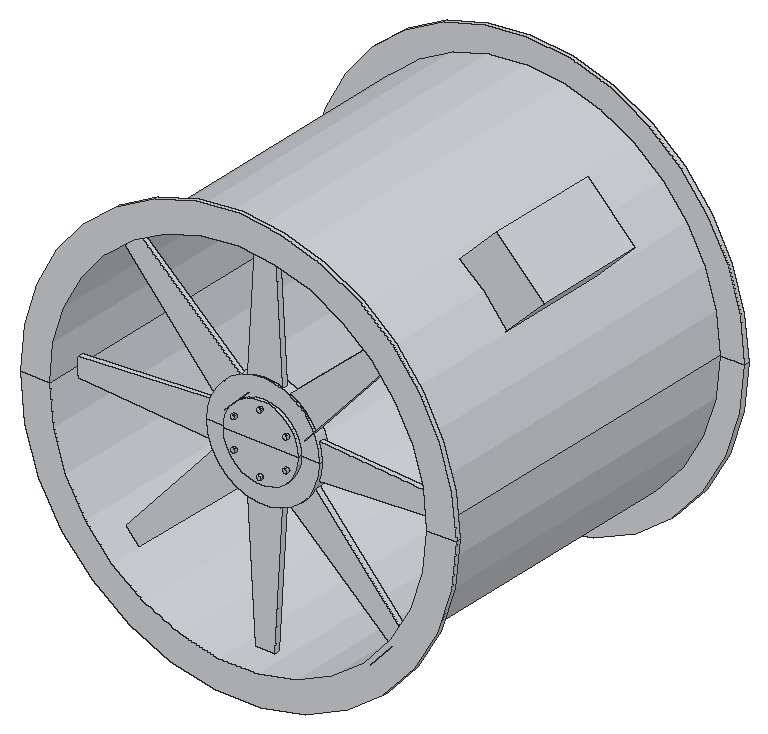
Revit family "CADS_Vent-Axia_MechEquip_Fan_LCA_450_3Ph2P - EXTRACT", category Mechanical Equipment, Revit 2020
Family settings
  Round Connector Dimension = Use Diameter
  Part Type = Normal
  OmniClass Number = 23.75.00.00
  OmniClass Title = Climate Control (HVAC)
  Work Plane-Based = No
  Always vertical = Yes
  Cut with Voids When Loaded = No
  Shared = No
  Room Calculation Point = No
Parameters (values of type "LCA453210")
  nr = NominalDiameter / 2  # 225 mm
  WorkingPressure = 0.0 Pa
  WarrantyStartDate [instance] = "1900-12-31T23:59:59"
  WarrantyPeriod = ""
  WarrantyIdentifier = "N/A"
  WarrantyGuarantorParts = "tech@vent-axia.com"
  WarrantyGuarantorLabor = "tech@vent-axia.com"
  WarrantyGuarantor = "Vent-Axia Limited"
  WarrantyEndDate [instance] = "1900-12-31T23:59:59"
  WarrantyContent = ""
  TemperatureRange = ""
  TagNumber [instance] = "N/A"
  SustainabilityPerformance = ""
  Status = "New"
  Size = ""
  Shape = ""
  ServiceLifeType = ""
  ServiceLifeDuration = ""
  SerialNumber [instance] = "N/A"
  ReplacementCost = ""
  RatedVoltage = 0 V
  RatedCurrent = 0 A
  Quantity = 1
  ProductionYear = ""
  PressureCurve = ""
  PowerFactor = ""
  PointOfContact = ""
  NumberOfPoles = 0
  NominalWidth = 450 mm
  NominalLength = 435 mm
  NominalHeight = 450 mm
  NominalFrequencyRange = ""
  NominalDiameter = 450 mm
  ModelReference = "LCAX 450mm 3PH 2P 10DEG"
  ModelNumber = "LCA453210"
  Material = ""
  ManufacturerE-Mail = "tech@vent-axia.com"
  ManufacturerAddress = "Fleming Way\nCrawley \nRH10 9YX"
  IsExtendedWarranty = no
  InsulationStandardClass = ""
  InstallationDate [instance] = "1900-12-31T23:59:59"
  IfcExportType [instance] = ""
  IfcExportAs = "IfcFanType"
  IP_Code = ""
  HasProtectiveEarth = no
  GrossWeight = 0.00 kg
  Grade = ""
  GlobalTradeItemNumber [instance] = "N/A"
  Fitting Type = "Ignore"
  Finish = ""
  Features = ""
  ExteriorInsulation = no
  ExpectedServiceLife = 0
  Exclusions = ""
  DurationUnit = "Year"
  Default Elevation = 0 mm
  Constituents = ""
  ConductorFunction = ""
  Color = ""
  CodePerformance = ""
  Category = ""
  CADS_Usage = 0
  CADS_Index = 0
  AssetType = "FIXED"
  AssetIdentifier [instance] = "N/A"
  AssemblyPlace = "UNKNOWN"
  ArticleNumber [instance] = "N/A"
  AirflowRateRange = 0.0 L/s
  Air Flow [instance] = 0.0 L/s
  AccessibilityPerformance = ""
Types (12, lengths in mm): name | ModelReference | ModelNumber
  LCA453210 | "LCAX 450mm 3PH 2P 10DEG" | "LCA453210"
  LCA453212 | "LCAX 450mm 3PH 2P 12DEG" | "LCA453212"
  LCA453214 | "LCAX 450mm 3PH 2P 14DEG" | "LCA453214"
  LCA453216 | "LCAX 450mm 3PH 2P 16DEG" | "LCA453216"
  LCA453218 | "LCAX 450mm 3PH 2P 18DEG" | "LCA453218"
  LCA453220 | "LCAX 450mm 3PH 2P 20DEG" | "LCA453220"
  LCA453222 | "LCAX 450mm 3PH 2P 22DEG" | "LCA453222"
  LCA453224 | "LCAX 450mm 3PH 2P 24DEG" | "LCA453224"
  LCA453226 | "LCAX 450mm 3PH 2P 26DEG" | "LCA453226"
  LCA453228 | "LCAX 450mm 3PH 2P 28DEG" | "LCA453228"
  LCA453230 | "LCAX 450mm 3PH 2P 30DEG" | "LCA453230"
  LCA453232 | "LCAX 450mm 3PH 2P 32DEG" | "LCA453232"
Reference planes
  plane 1 "Center (Front/Back)": y = 0
  plane 2: z = 0
  plane 3 "Center (Left/Right)": x = 0
  plane 4: x = -225
  plane 5: x = 225
  plane 6 "F": y = -217.5
  plane 7 "B": y = 217.5
  plane 8: x = -260
  plane 9: y = 212.5
  plane 10: y = -212.5
  plane 11: x = -230
  plane 12: y = -177.5
  plane 13 "top": z = 225
  plane 14: z = -225
  plane 15 "45deg": through (0, -1524, 0) normal (-0.7071, 0, -0.7071)
  plane 16 "C": through (0, -1524, 0) normal (-0.7071, 0, 0.7071)
Forms (mm)
  Revolve 1, solid
    sketch origin (0, 0, 0) x (1, 0, 0) y (0, 1, 0)
      loop
        line (-260, -217.5) -> (-225, -217.5) -> (-225, 217.5) -> (-260, 217.5) -> (-260, 212.5) -> (-230, 212.5) -> (-230, -212.5) -> (-260, -212.5) -> (-260, -217.5)
      axis (0, 217.5) -> (0, -217.5)
    angle from 0 to 360
  Sweep 2, solid
    path origin (0, 0, 0) x (1, 0, 0) y (0, 0, 1)
      loop
        line (159.099, 159.099) -> (205.061, 205.061)
    profile origin (182.08, 0, 182.08) x (-0.707107, 0, 0.707107) y (0, -1, 0)
      loop
        line (37.5, 55) -> (-42.73, 55) -> (-42.73, -79.5) -> (37.5, -79.5) -> (37.5, 55)
Dimensions and locks
  equal spacing: plane 4, plane 3 "Center (Left/Right)", plane 5
  equal spacing: plane 7 "B", plane 1 "Center (Front/Back)", plane 6 "F"
  "NominalLength": plane 7 "B" to plane 6 "F"
  "NominalDiameter": plane 4 to plane 5
  locked: plane 11 to plane 4 at 5
  locked: plane 8 to plane 11 at 30
  locked: plane 6 "F" to plane 10 at 5
  locked: plane 7 "B" to plane 9 at 5
  locked: plane 6 "F" to plane 12 at 40
  equal spacing: plane 13 "top", level, plane 14
  "NominalDiameter": plane 13 "top" to plane 14
  "nr": Sweep 2 sketch curve to nested 13
  Sweep 2 sketch curve to Sweep 2 sketch curve = 65 mm
  aligned and locked: level to plane 2
  aligned and locked: nested 1 to plane 12
Automatic sketch dimensions
  plane 6 "F" to Revolve 1 sketch curve = 0 mm
  Revolve 1 sketch curve to plane 8 = 0 mm  (x2)
  plane 10 to Revolve 1 sketch curve = 0 mm
  Revolve 1 sketch curve to plane 11 = 0 mm
  Revolve 1 sketch curve to plane 4 = 0 mm
  Revolve 1 sketch curve to plane 3 "Center (Left/Right)" = 0 mm
  plane 1 "Center (Front/Back)" to Revolve 1 sketch curve = 0 mm
  Revolve 1 sketch curve to plane 9 = 0 mm
  Revolve 1 sketch curve to plane 7 "B" = 0 mm
  plane 6 "F" to Revolve 1 sketch curve = 115 mm
  plane 1 "Center (Front/Back)" to Sweep 2 sketch curve = 55 mm
  Sweep 2 sketch curve to profile plane = 37.5 mm
  Sweep 2 sketch curve to Sweep 2 sketch curve = 80.23 mm
  Sweep 2 sketch curve to Sweep 2 sketch curve = 134.5 mm
  Sweep 2 sketch curve to plane 16 "C" = 0 mm  (x2)
Nested families
  nested 1: "Fan for ESC" at (0, -177.5, 0), ND <- "NominalDiameter", type "Fan for ESC"
    with hub 45 mm, ND 450 mm, BoltPCD 36 mm, Bolt Count 6, B_Diam 5 mm
  nested 2: "Bolts" at (31.177, -186.672, -18) x (-0.5, 0, -0.866) z (0, 1, 0), type "Bolts"
    with bd 5 mm
  nested 3: "Bolts" at (0, -186.672, -36) x (-1, 0, 0) z (0, 1, 0), type "Bolts"
    with bd 5 mm
  nested 4: "Bolts" at (-31.177, -186.672, -18) x (-0.5, 0, 0.866) z (0, 1, 0), type "Bolts"
    with bd 5 mm
  nested 5: "Bolts" at (-31.177, -186.672, 18) x (0.5, 0, 0.866) z (0, 1, 0), type "Bolts"
    with bd 5 mm
  nested 6: "Bolts" at (31.177, -186.672, 18) x (0.5, 0, -0.866) z (0, 1, 0), type "Bolts"
    with bd 5 mm
  nested 7: "Bolts" at (0, -186.672, 36) x (1, 0, 0) z (0, 1, 0), type "Bolts"
    with bd 5 mm
  nested 8: "ESC Blade" at (0, -177.5, 0), type "ESC Blade"
    with a 20.00°, HR 45 mm, HD 90 mm, BT 22.5 mm, BR 180 mm, BH 40 mm, BD 450 mm, BB 45 mm
  nested 9: "ESC Blade" at (0, -177.5, 0) x (0.7071, 0, -0.7071) z (0.7071, 0, 0.7071), type "ESC Blade"
    with a 20.00°, HR 45 mm, HD 90 mm, BT 22.5 mm, BR 180 mm, BH 40 mm, BD 450 mm, BB 45 mm
  nested 10: "ESC Blade" at (0, -177.5, 0) x (0, 0, -1) z (1, 0, 0), type "ESC Blade"
    with a 20.00°, HR 45 mm, HD 90 mm, BT 22.5 mm, BR 180 mm, BH 40 mm, BD 450 mm, BB 45 mm
  nested 11: "ESC Blade" at (0, -177.5, 0) x (-0.7071, 0, -0.7071) z (0.7071, 0, -0.7071), type "ESC Blade"
    with a 20.00°, HR 45 mm, HD 90 mm, BT 22.5 mm, BR 180 mm, BH 40 mm, BD 450 mm, BB 45 mm
  nested 12: "ESC Blade" at (0, -177.5, 0) x (-1, 0, 0) z (0, 0, -1), type "ESC Blade"
    with a 20.00°, HR 45 mm, HD 90 mm, BT 22.5 mm, BR 180 mm, BH 40 mm, BD 450 mm, BB 45 mm
  nested 13: "ESC Blade" at (0, -177.5, 0) x (-0.7071, 0, -0.7071) z (-0.7071, 0, 0.7071), type "ESC Blade"
    with a 20.00°, HR 45 mm, HD 90 mm, BT 22.5 mm, BR 180 mm, BH 40 mm, BD 450 mm, BB 45 mm
  nested 14: "ESC Blade" at (0, -177.5, 0) x (0, 0, -1) z (-1, 0, 0), type "ESC Blade"
    with a 20.00°, HR 45 mm, HD 90 mm, BT 22.5 mm, BR 180 mm, BH 40 mm, BD 450 mm, BB 45 mm
  nested 15: "ESC Blade" at (0, -177.5, 0) x (0.7071, 0, -0.7071) z (-0.7071, 0, -0.7071), type "ESC Blade"
    with a 20.00°, HR 45 mm, HD 90 mm, BT 22.5 mm, BR 180 mm, BH 40 mm, BD 450 mm, BB 45 mm
Connectors
  hvac at (0, -217.5, 0), driven by "NominalDiameter", driven by "Air Flow"
    settings: on Revolve 1, index 1, duct flow 0.0 L/s, flow factor 0, pres drop 0.0 Pa, loss coef 0, conn angle 0.00°, conn width 304.8 mm, conn height 304.8 mm, conn diameter 450 mm, duct sys type 2, conn prof type 0, flow config 0, flow direction 1, loss method 0, conn ref index -1, conn util no, is conn primary yes, conn desc ""
  hvac at (0, 217.5, 0), driven by "NominalDiameter", driven by "Air Flow"
    settings: on Revolve 1, index 2, duct flow 0.0 L/s, flow factor 0, pres drop 0.0 Pa, loss coef 0, conn angle 0.00°, conn width 304.8 mm, conn height 304.8 mm, conn diameter 450 mm, duct sys type 3, conn prof type 0, flow config 1, flow direction 2, loss method 0, conn ref index -1, conn util no, is conn primary no, conn desc ""
Definition of nested family "Fan for ESC"
  Parameters (values of type "Fan for ESC")
    hub [instance] = ND / 10  # 56.7 mm
    ND [instance] = 567 mm
    Model = "."
    Default Elevation = 0 mm
    BoltPCD [instance] = hub - (hub * 0.2)  # 45.36 mm
    Bolt Count [instance] = if(hub < 50 mm, 6, 8)  # 8
    B_Diam [instance] = if(hub < 50 mm, 5 mm, 10 mm)  # 10 mm
  Reference planes
    plane 1 "Center (Front/Back)": y = 0
    plane 2: z = 0
    plane 3 "Center (Left/Right)": x = 0
    plane 4 "back": y = 20
    plane 5 "bolts": y = -9.172
    plane 6 "B": z = 56.7
    plane 7: x = -79.287
    plane 8: x = -56.7
    plane 9 "hubface": y = -6.172
  Forms (mm)
    Revolve 1, solid
      sketch origin (0, 0, 0) x (1, 0, 0) y (0, 1, 0)
        loop
          line (0, 20) -> (-56.7, 20) -> (-56.7, 10.504) -> (-79.287, 10.504) -> (-79.287, -2.597) -> (-56.7, -2.597) -> (-56.7, -6.172) -> (0, -6.172) -> (0, 20)
        axis (0, 20) -> (0, -6.172)
      angle from 0 to 360
    Extrusion 2, solid, not visible
      sketch origin (0, -6.347, -4) x (-1, 0, 0) y (0, 0, 1)
        loop
          circle (0, 84) r 5
      from 0 to 3
  Lines and regions (mm)
    symbolic lines
      curve 1: circle (0, -9.172, 0) r 45.36 normal (0, 1, 0)
    model lines, not visible
      curve 2: line (0, -6.347, 85) -> (0, -6.347, 75)
  Dimensions and locks
    "hub": plane 6 "B" to plane 2
    "hub": nested 3 to plane 3 "Center (Left/Right)"
    "hub": nested 4 to plane 3 "Center (Left/Right)"
    "hub": nested 5 to plane 3 "Center (Left/Right)"
    "hub": plane 3 "Center (Left/Right)" to nested 6
    "hub": Revolve 1 sketch curve to Revolve 1 sketch curve
    "hub": plane 3 "Center (Left/Right)" to nested 7
    "hub": plane 3 "Center (Left/Right)" to nested 8
    "hub": plane 3 "Center (Left/Right)" to nested 9
    "hub": plane 8 to plane 3 "Center (Left/Right)"
    plane 7 to plane 8 = 22.587 mm
    diameter of Extrusion 2 sketch curve = 10 mm
    "BoltPCD": radius of curve 1
    "BoltPCD": radius of radial array
    aligned and locked: level to plane 2
    aligned and locked: plane 6 "B" to nested 1
  Automatic sketch dimensions
    Revolve 1 sketch curve to plane 7 = 0 mm
    Revolve 1 sketch curve to plane 8 = 0 mm  (x2)
    Revolve 1 sketch curve to plane 3 "Center (Left/Right)" = 0 mm
    Revolve 1 sketch curve to plane 9 "hubface" = 0 mm
    plane 4 "back" to Revolve 1 sketch curve = 0 mm
    plane 1 "Center (Front/Back)" to Revolve 1 sketch curve = 2.597 mm
    plane 4 "back" to Revolve 1 sketch curve = 9.496 mm
    Revolve 1 sketch curve to Revolve 1 sketch curve = 5 mm
    Revolve 1 sketch curve to plane 4 "back" = 45 mm
    curve 1 to level = 0 mm
    curve 1 to plane 3 "Center (Left/Right)" = 0 mm
  Nested families
    nested 1: "ESC Blade" at (0, 0, 0), BD <- "ND", HD <- "hub", type "ESC Blade"
      with a 20.00°, HR 56.7 mm, HD 113.4 mm, BT 28.35 mm, BR 226.8 mm, BH 40 mm, BD 567 mm, BB 56.7 mm
    nested 2: "ESC Blade" at (0, 0, 755), BD <- "ND", HD <- "hub", type "ESC Blade", not visible
      with a 20.00°, HR 56.7 mm, HD 113.4 mm, BT 28.35 mm, BR 226.8 mm, BH 40 mm, BD 567 mm, BB 56.7 mm
    nested 3: "ESC Blade" at (0, 0, 0) x (0.7071, 0, -0.7071) z (0.7071, 0, 0.7071), BD <- "ND", HD <- "hub", type "ESC Blade"
      with a 20.00°, HR 56.7 mm, HD 113.4 mm, BT 28.35 mm, BR 226.8 mm, BH 40 mm, BD 567 mm, BB 56.7 mm
    nested 4: "ESC Blade" at (0, 0, 0) x (0, 0, -1) z (1, 0, 0), BD <- "ND", HD <- "hub", type "ESC Blade"
      with a 20.00°, HR 56.7 mm, HD 113.4 mm, BT 28.35 mm, BR 226.8 mm, BH 40 mm, BD 567 mm, BB 56.7 mm
    nested 5: "ESC Blade" at (0, 0, 0) x (-0.7071, 0, -0.7071) z (0.7071, 0, -0.7071), BD <- "ND", HD <- "hub", type "ESC Blade"
      with a 20.00°, HR 56.7 mm, HD 113.4 mm, BT 28.35 mm, BR 226.8 mm, BH 40 mm, BD 567 mm, BB 56.7 mm
    nested 6: "ESC Blade" at (0, 0, 0) x (-1, 0, 0) z (0, 0, -1), BD <- "ND", HD <- "hub", type "ESC Blade"
      with a 20.00°, HR 56.7 mm, HD 113.4 mm, BT 28.35 mm, BR 226.8 mm, BH 40 mm, BD 567 mm, BB 56.7 mm
    nested 7: "ESC Blade" at (0, 0, 0) x (-0.7071, 0, -0.7071) z (-0.7071, 0, 0.7071), BD <- "ND", HD <- "hub", type "ESC Blade"
      with a 20.00°, HR 56.7 mm, HD 113.4 mm, BT 28.35 mm, BR 226.8 mm, BH 40 mm, BD 567 mm, BB 56.7 mm
    nested 8: "ESC Blade" at (0, 0, 0) x (0, 0, -1) z (-1, 0, 0), BD <- "ND", HD <- "hub", type "ESC Blade"
      with a 20.00°, HR 56.7 mm, HD 113.4 mm, BT 28.35 mm, BR 226.8 mm, BH 40 mm, BD 567 mm, BB 56.7 mm
    nested 9: "ESC Blade" at (0, 0, 0) x (0.7071, 0, -0.7071) z (-0.7071, 0, -0.7071), BD <- "ND", HD <- "hub", type "ESC Blade"
      with a 20.00°, HR 56.7 mm, HD 113.4 mm, BT 28.35 mm, BR 226.8 mm, BH 40 mm, BD 567 mm, BB 56.7 mm
    nested 10: "Bolts" at (0, -9.172, 45.36) x (1, 0, 0) z (0, 1, 0), bd <- "B_Diam", type "Bolts"
      with bd 10 mm
    nested 11: "Bolts" at (32.074, -9.172, 32.074) x (0.7071, 0, -0.7071) z (0, 1, 0), bd <- "B_Diam", type "Bolts"
      with bd 10 mm
    nested 12: "Bolts" at (-32.074, -9.172, 32.074) x (0.7071, 0, 0.7071) z (0, 1, 0), bd <- "B_Diam", type "Bolts"
      with bd 10 mm
    nested 13: "Bolts" at (-45.36, -9.172, 0) x (0, 0, 1) z (0, 1, 0), bd <- "B_Diam", type "Bolts"
      with bd 10 mm
    nested 14: "Bolts" at (-32.074, -9.172, -32.074) x (-0.7071, 0, 0.7071) z (0, 1, 0), bd <- "B_Diam", type "Bolts"
      with bd 10 mm
    nested 15: "Bolts" at (0, -9.172, -45.36) x (-1, 0, 0) z (0, 1, 0), bd <- "B_Diam", type "Bolts"
      with bd 10 mm
    nested 16: "Bolts" at (32.074, -9.172, -32.074) x (-0.7071, 0, -0.7071) z (0, 1, 0), bd <- "B_Diam", type "Bolts"
      with bd 10 mm
    nested 17: "Bolts" at (45.36, -9.172, 0) x (0, 0, -1) z (0, 1, 0), bd <- "B_Diam", type "Bolts"
      with bd 10 mm
  Definition of nested family "ESC Blade"
    Parameters (values of type "ESC Blade")
      a [instance] = 20.00°
      HR [instance] = HD / 2  # 30 mm
      HD [instance] = BD / 5  # 60 mm
      Default Elevation = 1219.2 mm
      BT [instance] = BD / 20  # 15 mm
      BR [instance] = (BD / 2) - HR  # 120 mm
      BH [instance] = 40 mm
      BD [instance] = 300 mm
      BB [instance] = BD / 10  # 30 mm
    Reference planes
      plane 1 "Center (Front/Back)": y = 0
      plane 2: z = 0
      plane 3 "Center (Left/Right)": x = 0
      plane 4 "Blade Bot": z = 30
      plane 5: x = -15
      plane 6: x = 15
      plane 7: x = -7.5
      plane 8: x = 7.5
    Forms (mm)
      Blend 1, solid
        base sketch origin (0, 0, 30) x (-1, 0, 0) y (0, -1, 0)
          loop
            line (15, 0) -> (-15, 0) -> (-15, -6) -> (15, -6) -> (15, 0)
        top sketch origin (0, 0, 30) x (-1, 0, 0) y (0, -1, 0)
          loop
            line (7.5, -6) -> (7.5, 0) -> (-7.5, 0) -> (-7.5, -6) -> (7.5, -6)
        from 0 to 120 <- "BR"
    Dimensions and locks
      "HR": plane 4 "Blade Bot" to level
      equal spacing: plane 8, plane 3 "Center (Left/Right)", plane 7
      "BT": plane 8 to plane 7
      equal spacing: plane 6, plane 3 "Center (Left/Right)", plane 5
      "BB": plane 6 to plane 5
      aligned and locked: level to plane 2
    Automatic sketch dimensions
      plane 1 "Center (Front/Back)" to Blend 1 sketch curve = 0 mm  (x2)
      Blend 1 sketch curve to plane 6 = 0 mm
      Blend 1 sketch curve to plane 5 = 0 mm
      Blend 1 sketch curve to plane 1 "Center (Front/Back)" = 6 mm  (x2)
      Blend 1 sketch curve to plane 8 = 0 mm
      Blend 1 sketch curve to plane 7 = 0 mm
  Definition of nested family "Bolts"
    Parameters
      bd [instance] = 10 mm
      Default Elevation = 1219.2 mm
    Reference planes
      plane 1 "Center (Front/Back)": y = 0
      plane 2: z = 0
      plane 3 "Center (Left/Right)": x = 0
    Forms (mm)
      Extrusion 1, solid
        sketch origin (0, 0, 0) x (1, 0, 0) y (0, 1, 0)
          loop
            line (-1219.2, 1219.2) -> (-1219.2, -1219.2) -> (1219.2, -1219.2) -> (1219.2, 1219.2) -> (-1219.2, 1219.2)
        from 0 to -304.8
      Extrusion 2, solid
        sketch origin (0, 0, 0) x (1, 0, 0) y (0, 1, 0)
          loop
            circle (0, 0) r 5
        from 0 to 3
    Dimensions and locks
      "bd": diameter of Extrusion 2 sketch curve
      aligned and locked: plane 2 to Extrusion 1
      aligned and locked: level to Extrusion 1
    Automatic sketch dimensions
      Extrusion 1 sketch curve to Extrusion 1 sketch curve = 2438.4 mm  (x2)
      plane 1 "Center (Front/Back)" to Extrusion 2 sketch curve = 0 mm
      Extrusion 2 sketch curve to plane 3 "Center (Left/Right)" = 0 mm
Definition of nested family "Bolts"
  Parameters
    bd [instance] = 10 mm
    Default Elevation = 1219.2 mm
  Reference planes
    plane 1 "Center (Front/Back)": y = 0
    plane 2: z = 0
    plane 3 "Center (Left/Right)": x = 0
  Forms (mm)
    Extrusion 1, solid
      sketch origin (0, 0, 0) x (1, 0, 0) y (0, 1, 0)
        loop
          line (-1219.2, 1219.2) -> (-1219.2, -1219.2) -> (1219.2, -1219.2) -> (1219.2, 1219.2) -> (-1219.2, 1219.2)
      from 0 to -304.8
    Extrusion 2, solid
      sketch origin (0, 0, 0) x (1, 0, 0) y (0, 1, 0)
        loop
          circle (0, 0) r 5
      from 0 to 3
  Dimensions and locks
    "bd": diameter of Extrusion 2 sketch curve
    aligned and locked: plane 2 to Extrusion 1
    aligned and locked: level to Extrusion 1
  Automatic sketch dimensions
    Extrusion 1 sketch curve to Extrusion 1 sketch curve = 2438.4 mm  (x2)
    plane 1 "Center (Front/Back)" to Extrusion 2 sketch curve = 0 mm
    Extrusion 2 sketch curve to plane 3 "Center (Left/Right)" = 0 mm
Definition of nested family "ESC Blade"
  Parameters (values of type "ESC Blade")
    a [instance] = 20.00°
    HR [instance] = HD / 2  # 30 mm
    HD [instance] = BD / 5  # 60 mm
    Default Elevation = 1219.2 mm
    BT [instance] = BD / 20  # 15 mm
    BR [instance] = (BD / 2) - HR  # 120 mm
    BH [instance] = 40 mm
    BD [instance] = 300 mm
    BB [instance] = BD / 10  # 30 mm
  Reference planes
    plane 1 "Center (Front/Back)": y = 0
    plane 2: z = 0
    plane 3 "Center (Left/Right)": x = 0
    plane 4 "Blade Bot": z = 30
    plane 5: x = -15
    plane 6: x = 15
    plane 7: x = -7.5
    plane 8: x = 7.5
  Forms (mm)
    Blend 1, solid
      base sketch origin (0, 0, 30) x (-1, 0, 0) y (0, -1, 0)
        loop
          line (15, 0) -> (-15, 0) -> (-15, -6) -> (15, -6) -> (15, 0)
      top sketch origin (0, 0, 30) x (-1, 0, 0) y (0, -1, 0)
        loop
          line (7.5, -6) -> (7.5, 0) -> (-7.5, 0) -> (-7.5, -6) -> (7.5, -6)
      from 0 to 120 <- "BR"
  Dimensions and locks
    "HR": plane 4 "Blade Bot" to level
    equal spacing: plane 8, plane 3 "Center (Left/Right)", plane 7
    "BT": plane 8 to plane 7
    equal spacing: plane 6, plane 3 "Center (Left/Right)", plane 5
    "BB": plane 6 to plane 5
    aligned and locked: level to plane 2
  Automatic sketch dimensions
    plane 1 "Center (Front/Back)" to Blend 1 sketch curve = 0 mm  (x2)
    Blend 1 sketch curve to plane 6 = 0 mm
    Blend 1 sketch curve to plane 5 = 0 mm
    Blend 1 sketch curve to plane 1 "Center (Front/Back)" = 6 mm  (x2)
    Blend 1 sketch curve to plane 8 = 0 mm
    Blend 1 sketch curve to plane 7 = 0 mm
